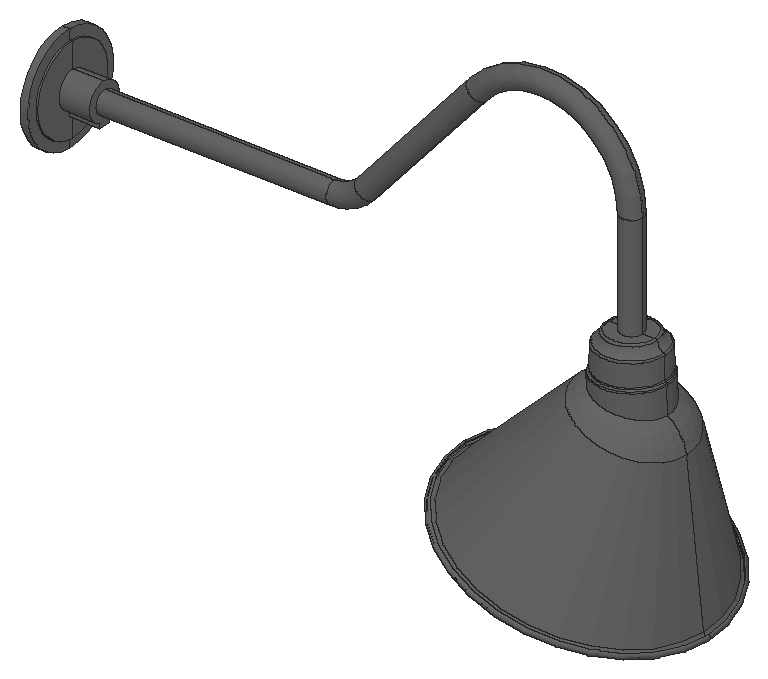
Revit family "Angle_MB", category Lighting Fixtures, Revit 2020
Family settings
  Round Connector Dimension = Use Diameter
  Part Type = Normal
  OmniClass Number = 23.80.70.00
  OmniClass Title = Lighting
  Work Plane-Based = No
  Always vertical = Yes
  Cut with Voids When Loaded = No
  Light Source = Yes
  Shared = No
  Room Calculation Point = No
Parameters (values of type "A812")
  Weight = "1.0 lb"
  Wattage Comments = "200W"
  Wattage = 1 W
  Warranty = "5 year limited warranty"  # constant formula
  built-in parameter 1150110 = 1 (stored number, unit not read)
  Voltage = 120 V
  URL = "https://www.anplighting.com/assets/Uploads/product-attachments/specification-sheets/ANP-Specification-Sheet-RLM-INC-A812.pdf"
  built-in parameter 1114217 = 1 (stored number, unit not read)
  Tilt Angle = 60.00°
  built-in parameter 1150109 = 1 (stored number, unit not read)
  built-in parameter 1150134 = 12
  built-in parameter 1150113 = 1 (stored number, unit not read)
  Mounting Option [instance] = 2
  Power Factor = 1
  Post Mount [instance] = Mounting Option = 5  # no
  Placement X axis side [instance] = if(Post Mount, 2' 2 15/32", if(Cord or Stem Mount, 0' 0", if(E36 20 inch, 1' 8 1/4", if(E 6 26 inch, 2' 2", if(E7 41 inch, 3' 5 1/4", 0' 1")))))  # 2' - 2"
  Photometric Web File = "A812GLCL-42WPL-E3.ies"
  Model = "A812"
  Manufacturer = "ANP Lighting"  # constant formula
  built-in parameter 1150105 = 99.472 (stored number, unit not read)
  Lumens = 1250 lm
  built-in parameter 1150115 = 1 (stored number, unit not read)
  Load Classification = Lighting
  Light Source Height [instance] = 0' - 0 1/2"  # constant formula
  built-in parameter 1150137 = (empty or 0)
  built-in parameter 1150139 = (empty or 0)
  Light Elevation_3 [instance] = 0' - 2"  # constant formula
  Light Elevation _2 [instance] = if(A807, 0' 7 195/256", if(A810, 0' 10 27/256", if(A812, 0' 11 61/128", if(A814, 1' 1 205/256", 0' 0"))))  # 0' - 11 61/128"
  Light Elevation _1 [instance] = if(Post Mount, 0' 0", if(E7 41 inch, 0' 0", if(E36 20 inch, 0' 1", if(E 6 26 inch, 0' 0.87402", if(Cord or Stem Mount, (0' 3.66142" + Cord Length), 0' 0")))))  # 0' - 0.87402"
  Light Elevation [instance] = if(Post Mount, 14' 0.5315", if(E7 41 inch, 0' 0", 0' 0"))  # 0' - 0"
  Life = "L70 50,000 hours"  # constant formula
  built-in parameter 1150112 = 1 (stored number, unit not read)
  built-in parameter 1150114 = 1 (stored number, unit not read)
  Lamp = "200W MAX MEDIUM BASE"
  built-in parameter 1150132 = 2
  built-in parameter 1150102 = (empty or 0)
  built-in parameter 1150107 = 4000 (stored number, unit not read)
  built-in parameter 1150138 = (empty or 0)
  built-in parameter 1150106 = 0.99472 (stored number, unit not read)
  Fixture Height = 0' - 10"
  Fixture Diameter = 1' - 0"
  Efficiency = "65-125 lumens per watt"  # constant formula
  built-in parameter 1150104 = 116.13 (stored number, unit not read)
  E7 41 inch [instance] = Mounting Option = 4  # no
  E36 20 inch [instance] = Mounting Option = 3  # no
  E 6 26 inch [instance] = Mounting Option = 2  # yes
  Dimming Lamp Color Temperature Shift = <None>
  Dimming = "1%"  # constant formula
  Description = "120-277 Voltage"  # constant formula
  Default Elevation = 0' - 0"
  Cord or Stem Mount [instance] = Mounting Option = 1  # no
  Cord Length option [instance] = 0
  Cord Length [instance] = if([2' Cord], 2' 0", if([4' Cord], 4' 0", if([8' Cord], 8' 0", if([10' Cord], 10' 0", if([6' Cord], 6' 0", 6' 0")))))  # 6' - 0"
  Construction Material = "Heavy Duty spun aluminum."  # constant formula
  Color Filter = 16777215
  Canopy Body = body
  CRI = ">90"  # constant formula
  Body Material = body
  Body Colour = "Spun aluminium"  # constant formula
  built-in parameter 1114218 = 1 (stored number, unit not read)
  built-in parameter 1150133 = 10 (stored number, unit not read)
  Apparent Load = 200 VA
  A814 = no
  A812 = yes
  A810 = no
  A807 = no
  8' Cord [instance] = Cord Length option = 8  # no
  6' Cord [instance] = Cord Length option = 6  # no
  4' Cord [instance] = Cord Length option = 4  # no
  2' Cord [instance] = Cord Length option = 2  # no
  10' Cord [instance] = Cord Length option = 10  # no
Types (5): name | Weight | Wattage Comments | Wattage | URL | Tilt Angle | Model | built-in parameter 1150105 | Lumens | Light Elevation _2 | Lamp | built-in parameter 1150106 | Fixture Height | Fixture Diameter | Apparent Load | A814 | A812 | A810 | A807
  (no name) | "1.0 lb" | "200W" | 1 W | "https://www.anplighting.com/assets/Uploads/product-attachments/specification-sheets/ANP-Specification-Sheet-RLM-INC-A812.pdf" | 60.00° | "A812" | 99.472 (stored number, unit not read) | 1250 lm | 0' - 11 61/128" | "200W MAX MEDIUM BASE" | 0.99472 (stored number, unit not read) | 0' - 10" | 1' - 0" | 200 VA | no | yes | no | no
  A807 | "1.0 lb" | "100W" | 1 W | "https://www.anplighting.com/assets/Uploads/product-attachments/specification-sheets/ANP-Specification-Sheet-RLM-INC-A807.pdf" | 90.00° | "A807" | 99.472 (stored number, unit not read) | 1250 lm | 0' - 7 195/256" | "100W MAX MEDIUM BASE" | 0.99472 (stored number, unit not read) | 0' - 6 1/2" | 0' - 7 1/8" | 100 VA | no | no | no | yes
  A810 | "1.0 lb" | "100W" | 1 W | "https://www.anplighting.com/assets/Uploads/product-attachments/specification-sheets/ANP-Specification-Sheet-RLM-INC-A810.pdf" | 90.00° | "A810" | 99.472 (stored number, unit not read) | 1250 lm | 0' - 10 27/256" | "100W MAX MEDIUM BASE" | 0.99472 (stored number, unit not read) | 0' - 8 1/2" | 0' - 10" | 100 VA | no | no | yes | no
  A812 | "1.0 lb" | "200W" | 1 W | "https://www.anplighting.com/assets/Uploads/product-attachments/specification-sheets/ANP-Specification-Sheet-RLM-INC-A812.pdf" | 60.00° | "A812" | 99.472 (stored number, unit not read) | 1250 lm | 0' - 11 61/128" | "200W MAX MEDIUM BASE" | 0.99472 (stored number, unit not read) | 0' - 10" | 1' - 0" | 200 VA | no | yes | no | no
  A814 | "1.5 lb" | "200W" | 1.6 W | "https://www.anplighting.com/assets/Uploads/product-attachments/specification-sheets/ANP-Specification-Sheet-RLM-INC-A814.pdf" | 90.00° | "A814" | 2000 (stored number, unit not read) | 2000 lm | 1' - 1 205/256" | "200W MAX MEDIUM BASE" | 20 (stored number, unit not read) | 0' - 11 3/4" | 1' - 2 1/4" | 200 VA | yes | no | no | no
Reference planes (in)
  plane 1 "Light Source Axis (F/B)": y = 0
  plane 2: z = 0
  plane 3 "Light Source Axis (L/R)": x = 0
  plane 4 "Light Source Elevation": z = 0
  plane 5: z = 0
  plane 6: x = 26
  plane 7 "Bulb Position": z = -10.35058
  plane 8 "Canopy Position": z = -0.87402
  plane 9 "IES": z = -10.85058
  plane 10: z = -12.35058
Dimensions and locks (in)
  "Light Elevation": plane 5 to plane 2
  "Placement X axis side": plane 6 to plane 3 "Light Source Axis (L/R)"
  "Light Elevation _1": plane 5 to plane 8 "Canopy Position"
  "Light Source Height": plane 7 "Bulb Position" to plane 9 "IES"
  locked: plane 4 "Light Source Elevation" to plane 2
  "Light Elevation _2": plane 8 "Canopy Position" to plane 10
  "Light Elevation_3": plane 7 "Bulb Position" to plane 10
  aligned and locked: level to plane 2
  aligned and locked: plane 1 "Light Source Axis (F/B)" to nested 5
  aligned and locked: nested 5 to plane 2
  aligned and locked: nested 1 to plane 3 "Light Source Axis (L/R)"
  aligned and locked: plane 3 "Light Source Axis (L/R)" to nested 2
  aligned and locked: plane 3 "Light Source Axis (L/R)" to nested 4
  aligned and locked: nested 3 to plane 5
  aligned and locked: plane 3 "Light Source Axis (L/R)" to nested 3
  aligned and locked: plane 3 "Light Source Axis (L/R)" to nested 5
  aligned and locked: plane 1 "Light Source Axis (F/B)" to nested 2
  aligned and locked: plane 1 "Light Source Axis (F/B)" to nested 1
  aligned and locked: plane 1 "Light Source Axis (F/B)" to nested 4
  aligned and locked: plane 1 "Light Source Axis (F/B)" to nested 3
  aligned and locked: plane 2 to nested 1
  aligned and locked: plane 2 to nested 2
  aligned and locked: nested 4 to plane 2
  aligned and locked: imposter light to plane 9 "IES"
  aligned and locked: plane 6 to imposter light
  aligned and locked: plane 8 "Canopy Position" to nested 7
  aligned and locked: nested 7 to plane 1 "Light Source Axis (F/B)"
  aligned and locked: nested 7 to plane 6
  aligned and locked: nested 6 to plane 1 "Light Source Axis (F/B)"
  aligned and locked: nested 6 to plane 6
  aligned and locked: nested 9 to plane 1 "Light Source Axis (F/B)"
  aligned and locked: nested 9 to plane 6
  aligned and locked: nested 8 to plane 1 "Light Source Axis (F/B)"
  aligned and locked: nested 8 to plane 6
  aligned and locked: plane 8 "Canopy Position" to nested 8
  aligned and locked: plane 8 "Canopy Position" to nested 6
  aligned and locked: plane 8 "Canopy Position" to nested 9
  aligned and locked: imposter light to plane 1 "Light Source Axis (F/B)"
Nested families (in)
  nested 1: "CORD OR STEM MOUNT" at (0, 0, -75.67), visible <- "Cord or Stem Mount", Cord or Stem Mount <- "Cord or Stem Mount", Body Material <- "Body Material", Light Elevation <- "Light Elevation", Cord Length <- "Cord Length", 10' Cord <- "10' Cord", 2' Cord <- "2' Cord", 4' Cord <- "4' Cord", 6' Cord <- "6' Cord", 8' Cord <- "8' Cord", type "CORD OR STEM MOUNT"
    with Light Elevation 0' - 0", Cord or Stem Mount no, Cord Length 6' - 0", Body Material body, 8' Cord no, 6' Cord no, 4' Cord no, 2' Cord no, 10' Cord no
  nested 2: "E6 26 INCH" at (26, 0, 0), visible <- "E 6 26 inch", Chain Length <- "Cord Length", E 6 26 inch <- "E 6 26 inch", Placement X axis side <- "Placement X axis side", Body Material <- "Body Material", Light Elevation <- "Light Elevation", type "E6 26 INCH"
    with Placement X axis side 2' - 2", Light Elevation 0' - 0", E 6 26 inch yes, Chain Length 6' - 0", Body Material body
  nested 3: "E7 41 INCH" at (26, 0, 0), Chain Length <- "Cord Length", visible <- "E7 41 inch", E7 41 inch <- "E7 41 inch", Placement X axis side <- "Placement X axis side", Body Material <- "Body Material", Light Elevation <- "Light Elevation", type "E7 41 INCH"
    with Placement X axis side 2' - 2", Light Elevation 0' - 0", E7 41 inch no, Chain Length 6' - 0", Body Material body
  nested 4: "E36 20 INCH" at (26, 0, 0), visible <- "E36 20 inch", E36 20 inch <- "E36 20 inch", Placement X axis side <- "Placement X axis side", Chain Length <- "Cord Length", Body Material <- "Body Material", Light Elevation <- "Light Elevation", type "E36 20 INCH"
    with Placement X axis side 2' - 2", Light Elevation 0' - 0", E36 20 inch no, Chain Length 6' - 0", Body Material body
  nested 5: "POST MOUNT" at (26, 0, 0), visible <- "Post Mount", Post Mount <- "Post Mount", Placement X axis side <- "Placement X axis side", Chain Length <- "Cord Length", Body Material <- "Body Material", Light Elevation <- "Light Elevation", type "POST MOUNT"
    with Post Mount no, Placement X axis side 2' - 2", Light Elevation 0' - 0", Chain Length 6' - 0", Body Material body
  nested 6: "A810_1" at (26, 0, -0.87402) x (-1, 0, 0) z (0, 0, 1), A810 <- "A810", visible <- "A810", Body <- "Canopy Body", Light Elevation <- "Light Elevation", type "A810_1"
    with Light Elevation 0' - 0", Body body, A810 no
  nested 7: "A807_1" at (26, 0, -0.87402) x (-1, 0, 0) z (0, 0, 1), Body <- "Canopy Body", visible <- "A807", A807 <- "A807", Light Elevation <- "Light Elevation", type "A807_1"
    with Light Elevation 0' - 0", Body body, A807 no
  nested 8: "A812_1" at (26, 0, -0.87402) x (-1, 0, 0) z (0, 0, 1), Body <- "Canopy Body", visible <- "A812", A812 <- "A812", Light Elevation <- "Light Elevation", type "A812_1"
    with Light Elevation 0' - 0", Body body, A812 yes
  nested 9: "A814-1" at (26, 0, -0.87402) x (-1, 0, 0) z (0, 0, 1), A814 <- "A814", visible <- "A814", Body <- "Canopy Body", Light Elevation <- "Light Elevation", type "A814-1"
    with Light Elevation 0' - 0", Body body, A814 no
Definition of nested family "E6 26 INCH"
  Parameters (values of type "E6 26 INCH")
    URL = ""
    Placement X axis side [instance] = 2' - 2"
    Model = ""
    Manufacturer = ""
    Light Elevation [instance] = 8' - 4"
    E 6 26 inch [instance] = yes
    Default Elevation = 0' - 0"
    Chain Length [instance] = 0' - 0"
    Body Material [instance] = none
  Reference planes (in)
    plane 1 "Light Source Axis (F/B)": y = 0
    plane 2: z = 0
    plane 3 "Light Source Axis (L/R)": x = 0
    plane 4 "Light Source Elevation": z = 23.125
    plane 5: z = 100
    plane 6: x = -26
    plane 7: z = 99.125
    plane 8: x = -24.12
    plane 9: x = -25.5474
  Forms (in)
    Extrusion 1, void, not visible
      sketch origin (0, 0, 2.38154) x (1, 0, 0) y (0, 0, 1)
        loop
          circle (0, 4.59925) r 0.16583
      from 1.18594 to 1.75
    Extrusion 2, void, not visible
      sketch origin (0, 0, 2.38154) x (0.707107, -0.707107, 0) y (0, 0, 1)
        loop
          circle (0, 4.59925) r 0.16583
      from 1.18594 to 1.75
    Extrusion 3, void, not visible
      sketch origin (0, 0, 2.38154) x (0.707107, 0.707107, 0) y (0, 0, 1)
        loop
          circle (0, 4.59925) r 0.16583
      from 1.18594 to 1.75
    Extrusion 4, void, not visible
      sketch origin (0, 0, 2.38154) x (0, 1, 0) y (0, 0, 1)
        loop
          circle (0, 4.59925) r 0.16583
      from 1.18594 to 1.75
    Extrusion 5, void, not visible
      sketch origin (0, 0, 2.38154) x (-0.707107, 0.707107, 0) y (0, 0, 1)
        loop
          circle (0, 4.59925) r 0.16583
      from 1.18594 to 1.75
    Extrusion 6, void, not visible
      sketch origin (0, 0, 2.38154) x (-1, 0, 0) y (0, 0, 1)
        loop
          circle (0, 4.59925) r 0.20678
      from 1.18594 to 1.75
    Extrusion 7, void, not visible
      sketch origin (0, 0, 2.38154) x (-0.707107, -0.707107, 0) y (0, 0, 1)
        loop
          circle (0, 4.59925) r 0.16583
      from 1.18594 to 1.75
    Extrusion 8, void, not visible
      sketch origin (0, 0, 2.38154) x (0, -1, 0) y (0, 0, 1)
        loop
          circle (0, 4.59925) r 0.16583
      from 1.18594 to 1.75
    Sweep 9, solid, material <- "Body Material", visible <- "E 6 26 inch"
      path origin (-41.25, 0, 168.51693) x (1, 0, 0) y (0, 0, 1)
        loop
          line (17.13, -68.51693) -> (27.68551, -68.51693)
          arc (27.68551, -68.51693) -> (28.47996, -68.34486) -> (29.13202, -67.8595) r 1.92004
          line (29.13202, -67.8595) -> (34.23651, -62.01155)
          arc (34.23651, -62.01155) -> (38.65464, -60.89667) -> (41.25, -64.64193) r 4
          line (41.25, -64.64193) -> (41.25, -69.39193)
      profile origin (-18.84224, 0, 100) x (0, 0, 1) y (0, -1, 0)
        loop
          circle (0, 0) r 0.5
    Revolve 10, solid, material <- "Body Material", visible <- "E 6 26 inch"
      sketch origin (-26, 0, 168.51693) x (1, 0, 0) y (0, 0, 1)
        loop
          line (0, -66.07943) -> (0, -68.51693) -> (1.88, -68.51693) -> (1.88, -67.69272) -> (0.4526, -67.69272) -> (0.4526, -66.54122) -> (0.33125, -66.54122) -> (0.33125, -66.07943) -> (0, -66.07943)
        axis (0, -68.51693) -> (1.88, -68.51693)
      angle from 0 to 360
    Extrusion 11, solid, material <- "Body Material", visible <- "E 6 26 inch"
      sketch origin (-26, 0, 168.51693) x (0, -1, 0) y (0, 0, -1)
        loop
          line (0.25, 68.51693) -> (0.25, 69.51693) -> (-0.25, 69.51693) -> (-0.25, 68.51693) -> (0.25, 68.51693)
      from 0.4526 to 1.88
  Cuts and joins
    joined: Revolve 10, Extrusion 11
  Dimensions and locks (in)
    "Light Elevation": plane 5 to plane 2
    "Placement X axis side": plane 3 "Light Source Axis (L/R)" to plane 6
    locked: plane 5 to plane 7 at 0.875
    Revolve 10 sketch curve to Revolve 10 sketch curve to Revolve 10 sketch curve to plane 6 = 0' - 1.4274" locked, 0' - 0.12135" locked, 0' - 0.33125" locked
    Revolve 10 sketch curve to Revolve 10 sketch curve to Revolve 10 sketch curve to plane 5 = 0' - 0.46179" locked, 0' - 1.1515" locked, 0' - 0 211/256" locked
    locked: Sweep 9 sketch curve to plane 6 at 1.88
    locked: Sweep 9 sketch curve to Sweep 9 sketch curve at 10.55551
    locked: Sweep 9 sketch curve to Sweep 9 sketch curve at 13.56449
    locked: Sweep 9 sketch curve to Sweep 9 sketch curve at 4.75
    locked: plane 9 to plane 6 at 0.4526
    locked: plane 8 to plane 9 at 1.4274
    aligned and locked: level to plane 2
    aligned and locked: Revolve 10 sketch curve to plane 6
    aligned and locked: plane 5 to Revolve 10 sketch curve
    aligned and locked: Revolve 10 sketch curve to plane 5
    aligned and locked: cut or joined group of Revolve 10, Extrusion 11 to plane 9
    aligned and locked: plane 8 to cut or joined group of Revolve 10, Extrusion 11
  Automatic sketch dimensions
    Sweep 9 sketch curve to plane 5 = 0' - 0"
    Sweep 9 sketch curve to Sweep 9 sketch curve = 0' - 4"
    Sweep 9 sketch curve to Sweep 9 sketch curve = 0' - 3.01349"
    plane 5 to Sweep 9 sketch curve = 0' - 0.65743"
    Sweep 9 sketch curve to Sweep 9 sketch curve = 0' - 1.4465"
    Sweep 9 sketch curve to plane 5 = 0' - 0 7/8"
    profile plane to Sweep 9 sketch curve = 0' - 0"
    Sweep 9 sketch curve to profile plane = 0' - 0"
    plane 6 to Revolve 10 sketch curve = 0' - 0.62562"
    Revolve 10 sketch curve to Revolve 10 sketch curve = 0' - 0 1/2"
    Extrusion 11 sketch curve to plane 5 = 0' - 0"
    plane 1 "Light Source Axis (F/B)" to Extrusion 11 sketch curve = 0' - 0 1/4"
    Extrusion 11 sketch curve to plane 1 "Light Source Axis (F/B)" = 0' - 0 1/4"
    plane 5 to Extrusion 11 sketch curve = 0' - 1"
    radius of Sweep 9 sketch curve = 0' - 0 1/2"
Definition of nested family "A812_1"
  Parameters (values of type "A812_1")
    Light Elevation [instance] = 2' - 0"
    Default Elevation = 0' - 0"
    Body [instance] = none
    A812 [instance] = yes
  Reference planes (in)
    plane 1 "Center (Front/Back)": y = 0
    plane 2: z = 0
    plane 3 "Center (Left/Right)": x = 0
    plane 4: z = 24
  Dimensions and locks (in)
    "Light Elevation": plane 4 to plane 2
    aligned and locked: plane 2 to level
    aligned and locked: plane 1 "Center (Front/Back)" to nested 1
    aligned and locked: plane 3 "Center (Left/Right)" to nested 1
    aligned and locked: nested 1 to plane 4
  Nested families (in)
    nested 1: "A812" at (0, 0, 12.49252), Body <- "Body", visible <- "A812", type "A812"
      with Body none
  Definition of nested family "A812"
    Parameters (values of type "A812")
      Default Elevation = 0' - 0"
      Body [instance] = none
      A812 = yes
    Reference planes (in)
      plane 1 "Center (Front/Back)": y = 0
      plane 2: z = 0
      plane 3 "Center (Left/Right)": x = 0
      plane 4: through (-4.53846, -180, 2.7139) normal (-0.9397, 0, -0.342)
      plane 5: through (-6.68517, -180, -1.18322) normal (-0.342, 0, 0.9397)
      plane 6: through (-9.96099, -180, 8.26626) normal (-0.342, 0, 0.9397)
    Forms (in)
      Revolve 1, solid, material <- "Body", visible <- "A812"
        sketch origin (-18.57236, 0, -12.48838) x (1, 0, 0) y (0, 0, 1)
          loop
            arc (15.06574, 12.72901) -> (14.99103, 12.5688) -> (15.15124, 12.49409) r 0.125
            arc (15.15124, 12.49409) -> (15.16847, 12.50366) -> (15.18186, 12.51813) r 0.0625
            spline (15.18186, 12.51813) -> (15.1948, 12.53179) -> (15.20746, 12.54665) -> (15.21982, 12.56277) -> (15.23185, 12.58023) -> (15.24354, 12.59908) -> (15.25486, 12.61938) -> (15.26581, 12.64122) -> (15.27636, 12.66464) -> (15.28649, 12.68973) -> (15.29618, 12.71653) -> (15.30542, 12.74512) -> (15.31418, 12.77556)
            line (15.31418, 12.77556) -> (16.09875, 19.73698)
            arc (16.09875, 19.73698) -> (16.82833, 20.94843) -> (18.10997, 21.54617) r 2.42271
            line (18.10997, 21.54617) -> (18.08812, 21.60619)
            arc (18.08812, 21.60619) -> (16.78777, 20.98018) -> (16.04452, 19.74309) r 2.51876
            line (16.04452, 19.74309) -> (15.26057, 12.78713)
            spline (15.26057, 12.78713) -> (15.25102, 12.76008) -> (15.2414, 12.73449) -> (15.23171, 12.71035) -> (15.22195, 12.68766) -> (15.21212, 12.66642) -> (15.20222, 12.64663) -> (15.19225, 12.6283) -> (15.18221, 12.61141) -> (15.1721, 12.59598) -> (15.16192, 12.58199) -> (15.15167, 12.56946) -> (15.14135, 12.55838)
            arc (15.14135, 12.55838) -> (15.05225, 12.58429) -> (15.08711, 12.67028) r 0.0625
            line (15.08711, 12.67028) -> (15.06574, 12.72901)
          axis (18.08812, 21.60619) -> (20.67315, 14.5039)
        angle from 0 to 360
      Revolve 2, solid, material <- "Body", visible <- "A812"
        sketch origin (-18.57236, 0, -12.48838) x (1, 0, 0) y (0, 0, 1)
          loop
            arc (17.52211, 23.99585) -> (17.46649, 23.97662) -> (17.43466, 23.92712) r 0.09
            arc (17.43466, 23.92712) -> (17.31791, 23.68738) -> (17.112, 23.51796) r 0.62612
            arc (17.112, 23.51796) -> (17.07666, 23.48543) -> (17.06308, 23.43937) r 0.09
            line (17.06308, 23.43937) -> (17.04678, 22.46163)
            arc (17.04678, 22.46163) -> (17.04194, 22.43396) -> (17.0288, 22.40913) r 0.09
            line (17.0288, 22.40913) -> (16.96486, 22.32388)
            arc (16.96486, 22.32388) -> (16.95172, 22.29905) -> (16.94687, 22.27138) r 0.09
            line (16.94687, 22.27138) -> (16.92635, 21.04045) -> (16.98886, 21.04045) -> (17.00951, 22.27925) -> (17.0736, 22.36471)
            arc (17.0736, 22.36471) -> (17.09587, 22.40678) -> (17.10408, 22.45367) r 0.1525
            line (17.10408, 22.45367) -> (17.12073, 23.45259)
            arc (17.12073, 23.45259) -> (17.36009, 23.64007) -> (17.49539, 23.91235) r 0.68862
            arc (17.49539, 23.91235) -> (17.50511, 23.92748) -> (17.52211, 23.93335) r 0.0275
            line (17.52211, 23.93335) -> (18.32236, 23.93335) -> (18.32236, 23.99585) -> (17.52211, 23.99585)
          axis (18.57236, 23.99585) -> (18.57236, 21.04045)
        angle from 0 to 360
      Revolve 3, void
        sketch origin (-18.57236, 0, -12.48838) x (1, 0, 0) y (0, 0, 1)
          loop
            line (18.57236, 22.99745) -> (17.00762, 22.99745) -> (17.00762, 21.21218) -> (18.57236, 21.21218) -> (18.57236, 22.99745)
          axis (18.57236, 22.99745) -> (18.57236, 21.21218)
        angle from 0 to 360
    Cuts and joins
      Revolve 3 cuts Revolve 1
    Lines and regions (in)
      symbolic lines
        curve 1: line (-3.57979, 0, 0.06922) -> (-3.80128, 0, 0.67776)
        curve 2: line (7.70399, 0, 4.15927) -> (7.4331, 0, 4.82972)
    Dimensions and locks (in)
      plane 4 to Revolve 1 sketch curve = 0' - 6"
      plane 6 to plane 5 = 0' - 10"
      aligned and locked: plane 2 to level
Definition of nested family "CORD OR STEM MOUNT"
  Parameters (values of type "CORD OR STEM MOUNT")
    URL = ""
    Model = ""
    Manufacturer = ""
    Light Elevation [instance] = 1' - 7.69"
    Default Elevation = 0' - 0"
    Cord or Stem Mount [instance] = yes
    Cord Length [instance] = 6' - 0"
    Body Material [instance] = none
    8' Cord [instance] = no
    6' Cord [instance] = no
    4' Cord [instance] = no
    2' Cord [instance] = no
    10' Cord [instance] = no
  Reference planes (in)
    plane 1 "Light Source Axis (F/B)": y = 0
    plane 2: z = 0
    plane 3 "Light Source Axis (L/R)": x = 0
    plane 4 "Light Source Elevation": z = 23.125
    plane 5: z = 91.69
    plane 6: z = 19.69
  Forms (in)
    Extrusion 1, void, not visible
      sketch origin (0, 0, 2.38154) x (1, 0, 0) y (0, 0, 1)
        loop
          circle (0, 4.59925) r 0.16583
      from 1.18594 to 1.75
    Extrusion 2, void, not visible
      sketch origin (0, 0, 2.38154) x (0.707107, -0.707107, 0) y (0, 0, 1)
        loop
          circle (0, 4.59925) r 0.16583
      from 1.18594 to 1.75
    Extrusion 3, void, not visible
      sketch origin (0, 0, 2.38154) x (0.707107, 0.707107, 0) y (0, 0, 1)
        loop
          circle (0, 4.59925) r 0.16583
      from 1.18594 to 1.75
    Extrusion 4, void, not visible
      sketch origin (0, 0, 2.38154) x (0, 1, 0) y (0, 0, 1)
        loop
          circle (0, 4.59925) r 0.16583
      from 1.18594 to 1.75
    Extrusion 5, void, not visible
      sketch origin (0, 0, 2.38154) x (-0.707107, 0.707107, 0) y (0, 0, 1)
        loop
          circle (0, 4.59925) r 0.16583
      from 1.18594 to 1.75
    Extrusion 6, void, not visible
      sketch origin (0, 0, 2.38154) x (-1, 0, 0) y (0, 0, 1)
        loop
          circle (0, 4.59925) r 0.20678
      from 1.18594 to 1.75
    Extrusion 7, void, not visible
      sketch origin (0, 0, 2.38154) x (-0.707107, -0.707107, 0) y (0, 0, 1)
        loop
          circle (0, 4.59925) r 0.16583
      from 1.18594 to 1.75
    Extrusion 8, void, not visible
      sketch origin (0, 0, 2.38154) x (0, -1, 0) y (0, 0, 1)
        loop
          circle (0, 4.59925) r 0.16583
      from 1.18594 to 1.75
    Revolve 9, solid, material <- "Body Material", visible <- "Cord or Stem Mount"
      sketch origin (0, 0, 174.56698) x (1, 0, 0) y (0, 0, 1)
        loop
          line (2.6875, -79.20698) -> (0, -79.20698) -> (0, -82.87698) -> (0.125, -82.87698) -> (0.125, -82.83698) -> (0.75, -82.83698)
          arc (0.75, -82.83698) -> (0.81694, -82.77004) -> (0.75, -82.7031) r 0.06694
          line (0.75, -82.7031) -> (0.89763, -82.7031) -> (1.00223, -82.5985) -> (1.06587, -82.5985)
          arc (1.06587, -82.5985) -> (1.80099, -82.29401) -> (2.10549, -81.55888) r 1.03962
          line (2.10549, -81.55888) -> (2.10549, -81.03899)
          arc (2.10549, -81.03899) -> (2.12951, -80.981) -> (2.1875, -80.95698) r 0.08201
          line (2.1875, -80.95698) -> (2.1875, -80.70698) -> (2.6875, -80.70698) -> (2.6875, -79.20698)
        axis (0, -79.20698) -> (0, -82.87698)
      angle from 0 to 360
    Revolve 10, solid, material <- "Body Material", visible <- "Cord or Stem Mount"
      sketch origin (0, 0, 0) x (1, 0, 0) y (0, 0, 1)
        loop
          line (0, 91.69) -> (-0.125, 91.69) -> (-0.125, 19.69) -> (0, 19.69) -> (0, 91.69)
        axis (0, 19.69) -> (0, 91.69)
      angle from 0 to 360
  Dimensions and locks (in)
    "Light Elevation": plane 6 to plane 2
    "Cord Length": plane 5 to plane 6
    locked: Revolve 10 sketch curve to Revolve 10 sketch curve at 0.125
    aligned and locked: level to plane 2
    aligned and locked: Revolve 10 sketch curve to plane 3 "Light Source Axis (L/R)"
    aligned and locked: Revolve 10 sketch curve to plane 6
    aligned and locked: Revolve 10 sketch curve to plane 5
    aligned and locked: plane 3 "Light Source Axis (L/R)" to Revolve 10 sketch curve
  Automatic sketch dimensions
    Revolve 9 sketch curve to plane 3 "Light Source Axis (L/R)" = 0' - 0"  (x2)
    Revolve 9 sketch curve to plane 5 = 0' - 0"
    plane 3 "Light Source Axis (L/R)" to Revolve 9 sketch curve = 0' - 0 1/8"
    Revolve 9 sketch curve to plane 5 = 0' - 0.17388"
    Revolve 9 sketch curve to Revolve 9 sketch curve = 0' - 0 5/8"
    Revolve 9 sketch curve to Revolve 9 sketch curve = 0' - 0.14763"
    Revolve 9 sketch curve to plane 5 = 0' - 0.27847"
    Revolve 9 sketch curve to Revolve 9 sketch curve = 0' - 0.1046"
    Revolve 9 sketch curve to Revolve 9 sketch curve = 0' - 0.06364"
    Revolve 9 sketch curve to Revolve 9 sketch curve = 0' - 1.03962"
    Revolve 9 sketch curve to Revolve 9 sketch curve = 0' - 0 21/256"
    Revolve 9 sketch curve to Revolve 9 sketch curve = 0' - 0 1/2"  (x2)
    Revolve 9 sketch curve to Revolve 9 sketch curve = 0' - 0.51989"
    Revolve 9 sketch curve to Revolve 9 sketch curve = 0' - 0 1/4"
    Revolve 9 sketch curve to Revolve 9 sketch curve = 0' - 2.3519"
    Revolve 9 sketch curve to Revolve 9 sketch curve = 0' - 1 1/4"
    Revolve 9 sketch curve to Revolve 9 sketch curve = 0' - 0.04"
    Revolve 10 sketch curve to Revolve 10 sketch curve = 0' - 0 1/2"
    Revolve 10 sketch curve to Revolve 10 sketch curve = 0' - 0.42345"
Definition of nested family "E7 41 INCH"
  Parameters (values of type "E7 41 INCH")
    URL = ""
    Placement X axis side [instance] = 4' - 2"
    Model = ""
    Manufacturer = ""
    Light Elevation [instance] = 8' - 4"
    E7 41 inch [instance] = yes
    Default Elevation = 0' - 0"
    Chain Length [instance] = 0' - 0"
    Body Material [instance] = none
  Reference planes (in)
    plane 1 "Light Source Axis (F/B)": y = 0
    plane 2: z = 0
    plane 3 "Light Source Axis (L/R)": x = 0
    plane 4 "Light Source Elevation": z = 23.125
    plane 5: z = 100
    plane 6: x = -50
  Forms (in)
    Extrusion 1, void, not visible
      sketch origin (0, 0, 2.38154) x (1, 0, 0) y (0, 0, 1)
        loop
          circle (0, 4.59925) r 0.16583
      from 1.18594 to 1.75
    Extrusion 2, void, not visible
      sketch origin (0, 0, 2.38154) x (0.707107, -0.707107, 0) y (0, 0, 1)
        loop
          circle (0, 4.59925) r 0.16583
      from 1.18594 to 1.75
    Extrusion 3, void, not visible
      sketch origin (0, 0, 2.38154) x (0.707107, 0.707107, 0) y (0, 0, 1)
        loop
          circle (0, 4.59925) r 0.16583
      from 1.18594 to 1.75
    Extrusion 4, void, not visible
      sketch origin (0, 0, 2.38154) x (0, 1, 0) y (0, 0, 1)
        loop
          circle (0, 4.59925) r 0.16583
      from 1.18594 to 1.75
    Extrusion 5, void, not visible
      sketch origin (0, 0, 2.38154) x (-0.707107, 0.707107, 0) y (0, 0, 1)
        loop
          circle (0, 4.59925) r 0.16583
      from 1.18594 to 1.75
    Extrusion 6, void, not visible
      sketch origin (0, 0, 2.38154) x (-1, 0, 0) y (0, 0, 1)
        loop
          circle (0, 4.59925) r 0.20678
      from 1.18594 to 1.75
    Extrusion 7, void, not visible
      sketch origin (0, 0, 2.38154) x (-0.707107, -0.707107, 0) y (0, 0, 1)
        loop
          circle (0, 4.59925) r 0.16583
      from 1.18594 to 1.75
    Extrusion 8, void, not visible
      sketch origin (0, 0, 2.38154) x (0, -1, 0) y (0, 0, 1)
        loop
          circle (0, 4.59925) r 0.16583
      from 1.18594 to 1.75
    Revolve 9, solid, material <- "Body Material", visible <- "E7 41 inch"
      sketch origin (-41.25, 0, 168.39193) x (1, 0, 0) y (0, 0, 1)
        loop
          line (-8.75, -66.20443) -> (-8.75, -68.51693) -> (-6.87, -68.51693) -> (-6.87, -67.69272) -> (-8.2974, -67.69272) -> (-8.2974, -66.54122) -> (-8.41875, -66.54122) -> (-8.41875, -66.20443) -> (-8.75, -66.20443)
        axis (-8.75, -68.51693) -> (-6.87, -68.51693)
      angle from 0 to 360
    Extrusion 10, solid, material <- "Body Material", visible <- "E7 41 inch"
      sketch origin (-41.25, 0, 168.39193) x (0, -1, 0) y (0, 0, -1)
        loop
          line (0.25, 68.51693) -> (0.25, 69.51693) -> (-0.25, 69.51693) -> (-0.25, 68.51693) -> (0.25, 68.51693)
      from -8.2974 to -6.87
    Sweep 11, solid, material <- "Body Material", visible <- "E7 41 inch"
      path origin (-41.25, 0, 168.39193) x (1, 0, 0) y (0, 0, 1)
        loop
          line (-6.87, -68.51693) -> (16.04011, -68.51693)
          arc (16.04011, -68.51693) -> (17.864, -68.13651) -> (19.38375, -67.0587) r 4.5625
          line (19.38375, -67.0587) -> (24.70217, -61.33018)
          arc (24.70217, -61.33018) -> (29.64465, -60.20324) -> (32.5, -64.39193) r 4.5
          line (32.5, -64.39193) -> (32.5, -68.39193)
      profile origin (-36.66494, 0, 99.875) x (0, 0, 1) y (0, -1, 0)
        loop
          circle (0, 0) r 0.5
  Dimensions and locks (in)
    "Placement X axis side": plane 3 "Light Source Axis (L/R)" to plane 6
    "Light Elevation": plane 5 to plane 2
    locked: Revolve 9 sketch curve to Revolve 9 sketch curve at 0.33125
    locked: Revolve 9 sketch curve to Revolve 9 sketch curve at 0.4526
    locked: Revolve 9 sketch curve to Revolve 9 sketch curve at 1.88
    locked: Revolve 9 sketch curve to Revolve 9 sketch curve at 0.82421
    locked: Revolve 9 sketch curve to Revolve 9 sketch curve at 1.1515
    locked: Revolve 9 sketch curve to Revolve 9 sketch curve at 0.33679
    locked: plane 5 to Revolve 9 sketch curve at 0.125
    locked: Extrusion 10 sketch curve to Extrusion 10 sketch curve at 0.5
    locked: Extrusion 10 sketch curve to Extrusion 10 sketch curve at 1
    locked: plane 5 to Extrusion 10 sketch curve at 0.125
    locked: plane 5 to Sweep 11 sketch curve at 0.125
    locked: Sweep 11 sketch curve to Sweep 11 sketch curve at 39.37
    locked: Sweep 11 sketch curve to Sweep 11 sketch curve at 4
    locked: plane 6 to Extrusion 10 at 0.4526
    locked: Sweep 11 sketch curve to plane 6 at 1.88
    locked: Extrusion 10 to Extrusion 10 at 1.4274
    aligned and locked: plane 2 to level
    aligned and locked: Revolve 9 sketch curve to plane 6
  Automatic sketch dimensions
    Revolve 9 sketch curve to plane 5 = 0' - 0 1/8"
    plane 6 to Revolve 9 sketch curve = 0' - 0.62562"
    Revolve 9 sketch curve to Revolve 9 sketch curve = 0' - 0 1/2"
    plane 1 "Light Source Axis (F/B)" to Extrusion 10 sketch curve = 0' - 0 1/4"
    Sweep 11 sketch curve to plane 5 = 0' - 0"
    Sweep 11 sketch curve to Sweep 11 sketch curve = 0' - 4 1/2"
    Sweep 11 sketch curve to Sweep 11 sketch curve = 0' - 3.29783"
    plane 5 to Sweep 11 sketch curve = 0' - 1.33323"
    Sweep 11 sketch curve to Sweep 11 sketch curve = 0' - 5.31842"
    Sweep 11 sketch curve to Sweep 11 sketch curve = 0' - 3.34364"
    profile plane to Sweep 11 sketch curve = 0' - 0"
    Sweep 11 sketch curve to profile plane = 0' - 0"
    radius of Sweep 11 sketch curve = 0' - 0 1/2"
Definition of nested family "E36 20 INCH"
  Parameters (values of type "E36 20 INCH")
    URL = ""
    Placement X axis side [instance] = 1' - 8 1/4"
    Model = ""
    Manufacturer = ""
    Light Elevation [instance] = 8' - 4"
    E36 20 inch [instance] = yes
    Default Elevation = 0' - 0"
    Chain Length [instance] = 0' - 0"
    Body Material [instance] = none
  Reference planes (in)
    plane 1 "Light Source Axis (F/B)": y = 0
    plane 2: z = 0
    plane 3 "Light Source Axis (L/R)": x = 0
    plane 4 "Light Source Elevation": z = 23.125
    plane 5: z = 99
    plane 6: x = -20.25
    plane 7: z = 100
    plane 8: x = -18.37008
    plane 9: x = -19.79724
  Forms (in)
    Extrusion 1, void, not visible
      sketch origin (0, 0, 2.38154) x (1, 0, 0) y (0, 0, 1)
        loop
          circle (0, 4.59925) r 0.16583
      from 1.18594 to 1.75
    Extrusion 2, void, not visible
      sketch origin (0, 0, 2.38154) x (0.707107, -0.707107, 0) y (0, 0, 1)
        loop
          circle (0, 4.59925) r 0.16583
      from 1.18594 to 1.75
    Extrusion 3, void, not visible
      sketch origin (0, 0, 2.38154) x (0.707107, 0.707107, 0) y (0, 0, 1)
        loop
          circle (0, 4.59925) r 0.16583
      from 1.18594 to 1.75
    Extrusion 4, void, not visible
      sketch origin (0, 0, 2.38154) x (0, 1, 0) y (0, 0, 1)
        loop
          circle (0, 4.59925) r 0.16583
      from 1.18594 to 1.75
    Extrusion 5, void, not visible
      sketch origin (0, 0, 2.38154) x (-0.707107, 0.707107, 0) y (0, 0, 1)
        loop
          circle (0, 4.59925) r 0.16583
      from 1.18594 to 1.75
    Extrusion 6, void, not visible
      sketch origin (0, 0, 2.38154) x (-1, 0, 0) y (0, 0, 1)
        loop
          circle (0, 4.59925) r 0.20678
      from 1.18594 to 1.75
    Extrusion 7, void, not visible
      sketch origin (0, 0, 2.38154) x (-0.707107, -0.707107, 0) y (0, 0, 1)
        loop
          circle (0, 4.59925) r 0.16583
      from 1.18594 to 1.75
    Extrusion 8, void, not visible
      sketch origin (0, 0, 2.38154) x (0, -1, 0) y (0, 0, 1)
        loop
          circle (0, 4.59925) r 0.16583
      from 1.18594 to 1.75
    Sweep 9, solid, material <- "Body Material", visible <- "E36 20 inch"
      path origin (-41.25, 0, 169.51693) x (1, 0, 0) y (0, 0, 1)
        loop
          line (22.88, -69.51693) -> (28.93827, -69.51693)
          arc (28.93827, -69.51693) -> (29.97705, -69.28152) -> (30.81284, -68.62128) r 2.40953
          line (30.81284, -68.62128) -> (34.13807, -64.50378)
          arc (34.13807, -64.50378) -> (38.58272, -63.24548) -> (41.25, -67.01693) r 4
          line (41.25, -67.01693) -> (41.25, -70.51693)
      profile origin (-15.34086, 0, 100) x (0, 0, 1) y (0, -1, 0)
        loop
          circle (0, 0) r 0.5
    Revolve 10, solid, material <- "Body Material", visible <- "E36 20 inch"
      sketch origin (-20.25, 0, 169.51693) x (1, 0, 0) y (0, 0, 1)
        loop
          line (0, -67.20443) -> (0, -69.51693) -> (1.88, -69.51693) -> (1.88, -68.69272) -> (0.4526, -68.69272) -> (0.4526, -67.54122) -> (0.33125, -67.54122) -> (0.33125, -67.20443) -> (0, -67.20443)
        axis (0, -69.51693) -> (1.88, -69.51693)
      angle from 0 to 360
    Extrusion 11, solid, material <- "Body Material", visible <- "E36 20 inch"
      sketch origin (-20.25, 0, 169.51693) x (0, -1, 0) y (0, 0, -1)
        loop
          line (0.25, 69.51693) -> (0.25, 70.51693) -> (-0.25, 70.51693) -> (-0.25, 69.51693) -> (0.25, 69.51693)
      from 1.87992 to 0.45276
  Cuts and joins
    joined: Revolve 10, Extrusion 11
  Dimensions and locks (in)
    "Light Elevation": plane 7 to plane 2
    "Placement X axis side": plane 3 "Light Source Axis (L/R)" to plane 6
    locked: plane 7 to plane 5 at 1
    Revolve 10 sketch curve to Revolve 10 sketch curve to Revolve 10 sketch curve to plane 7 = 0' - 0.33679" locked, 0' - 1.1515" locked, 0' - 0 211/256" locked
    locked: Sweep 9 sketch curve to plane 6 at 1.88
    locked: Sweep 9 sketch curve to Sweep 9 sketch curve at 6.05827
    locked: Sweep 9 sketch curve to Sweep 9 sketch curve at 12.31173
    locked: Sweep 9 sketch curve to Sweep 9 sketch curve at 3.5
    Revolve 10 sketch curve to Revolve 10 sketch curve to Revolve 10 sketch curve to plane 6 = 0' - 1.4274" locked, 0' - 0.12135" locked, 0' - 0.33125" locked
    locked: plane 9 to plane 6 at 0.45276
    locked: plane 8 to plane 9 at 1.42717
    aligned and locked: level to plane 2
    aligned and locked: plane 7 to Revolve 10 sketch curve
    aligned and locked: Revolve 10 sketch curve to plane 7
    aligned and locked: Revolve 10 sketch curve to plane 6
    aligned and locked: cut or joined group of Revolve 10, Extrusion 11 to plane 9
    aligned and locked: plane 8 to cut or joined group of Revolve 10, Extrusion 11
  Automatic sketch dimensions
    Sweep 9 sketch curve to plane 7 = 0' - 0"
    Sweep 9 sketch curve to plane 5 = 0' - 0"
    Sweep 9 sketch curve to Sweep 9 sketch curve = 0' - 4"
    Sweep 9 sketch curve to plane 7 = 0' - 0.89565"
    Sweep 9 sketch curve to Sweep 9 sketch curve = 0' - 3.32523"
    Sweep 9 sketch curve to Sweep 9 sketch curve = 0' - 1.87457"
    profile plane to Sweep 9 sketch curve = 0' - 0"
    Sweep 9 sketch curve to profile plane = 0' - 0"
    plane 6 to Revolve 10 sketch curve = 0' - 0.62562"
    Revolve 10 sketch curve to Revolve 10 sketch curve = 0' - 0 1/2"
    plane 7 to Extrusion 11 sketch curve = 0' - 0"
    Extrusion 11 sketch curve to plane 5 = 0' - 0"
    plane 1 "Light Source Axis (F/B)" to Extrusion 11 sketch curve = 0' - 0 1/4"
    Extrusion 11 sketch curve to plane 1 "Light Source Axis (F/B)" = 0' - 0 1/4"
    radius of Sweep 9 sketch curve = 0' - 0 1/2"
Definition of nested family "POST MOUNT"
  Parameters (values of type "POST MOUNT")
    URL = ""
    Post Mount [instance] = yes
    Placement X axis side [instance] = 2' - 2 1/2"
    Model = ""
    Manufacturer = ""
    Light Elevation [instance] = 14' - 0.5168"
    Default Elevation = 0' - 0"
    Chain Length [instance] = 0' - 0"
    Body Material [instance] = none
  Reference planes (in)
    plane 1 "Light Source Axis (F/B)": y = 0
    plane 2: z = 0
    plane 3 "Light Source Axis (L/R)": x = 0
    plane 4 "Light Source Elevation": z = 23.125
    plane 5: x = -26.5
    plane 6: z = 168.5168
  Forms (in)
    Extrusion 1, void, not visible
      sketch origin (0, 0, 2.38154) x (1, 0, 0) y (0, 0, 1)
        loop
          circle (0, 4.59925) r 0.16583
      from 1.18594 to 1.75
    Extrusion 2, void, not visible
      sketch origin (0, 0, 2.38154) x (0.707107, -0.707107, 0) y (0, 0, 1)
        loop
          circle (0, 4.59925) r 0.16583
      from 1.18594 to 1.75
    Extrusion 3, void, not visible
      sketch origin (0, 0, 2.38154) x (0.707107, 0.707107, 0) y (0, 0, 1)
        loop
          circle (0, 4.59925) r 0.16583
      from 1.18594 to 1.75
    Extrusion 4, void, not visible
      sketch origin (0, 0, 2.38154) x (0, 1, 0) y (0, 0, 1)
        loop
          circle (0, 4.59925) r 0.16583
      from 1.18594 to 1.75
    Extrusion 5, void, not visible
      sketch origin (0, 0, 2.38154) x (-0.707107, 0.707107, 0) y (0, 0, 1)
        loop
          circle (0, 4.59925) r 0.16583
      from 1.18594 to 1.75
    Extrusion 6, void, not visible
      sketch origin (0, 0, 2.38154) x (-1, 0, 0) y (0, 0, 1)
        loop
          circle (0, 4.59925) r 0.20678
      from 1.18594 to 1.75
    Extrusion 7, void, not visible
      sketch origin (0, 0, 2.38154) x (-0.707107, -0.707107, 0) y (0, 0, 1)
        loop
          circle (0, 4.59925) r 0.16583
      from 1.18594 to 1.75
    Extrusion 8, void, not visible
      sketch origin (0, 0, 2.38154) x (0, -1, 0) y (0, 0, 1)
        loop
          circle (0, 4.59925) r 0.16583
      from 1.18594 to 1.75
    Revolve 9, solid, material <- "Body Material", visible <- "Post Mount"
      sketch origin (-7.90508, 0, 0) x (1, 0, 0) y (0, 0, 1)
        loop
          line (-18.59492, 3.92912) -> (-16.29831, 3.92912) -> (-16.29831, 4.2668) -> (-16.91413, 4.2668) -> (-16.91413, 134.5168) -> (-17.16413, 134.5168) -> (-17.16413, 137.3918) -> (-17.05979, 137.3918)
          arc (-17.05979, 137.3918) -> (-16.93479, 137.5168) -> (-17.05979, 137.6418) r 0.125
          line (-17.05979, 137.6418) -> (-17.48032, 137.6418) -> (-17.48032, 139.0793) -> (-17.73032, 139.0793) -> (-17.73032, 139.5793) -> (-18.59492, 139.5793) -> (-18.59492, 3.92912)
        axis (-18.59492, 139.5793) -> (-18.59492, 3.92912)
      angle from 0 to 360
    Extrusion 10, solid, material <- "Body Material", visible <- "Post Mount"
      sketch origin (0, 0, 0) x (1, 0, 0) y (0, 1, 0)
        loop
          line (-20.5, 5.93079) -> (-32.5, 5.93079) -> (-32.5, -6.06921) -> (-20.5, -6.06921) -> (-20.5, 5.93079)
      from 0 to 3.92912
    Sweep 11, solid, material <- "Body Material", visible <- "Post Mount"
      path origin (0, 0, 48.5) x (1, 0, 0) y (0, 0, 1)
        loop
          line (0, 120.0168) -> (0, 128.0168)
          arc (0, 128.0168) -> (-13.25, 141.2668) -> (-26.5, 128.0168) r 13.25
          line (-26.5, 128.0168) -> (-26.5, 91.0793)
      profile origin (0, 0, 172.5168) x (-1, 0, 0) y (0, -1, 0)
        loop
          circle (0, 0) r 0.5
    Revolve 12, solid, material <- "Body Material", visible <- "Post Mount"
      sketch origin (0, 0, 0) x (1, 0, 0) y (0, 0, 1)
        loop
          line (0, 168.5168) -> (0.75, 168.5168) -> (0.75, 170.7668) -> (0, 170.7668) -> (0, 168.5168)
        axis (0, 170.7668) -> (0, 168.5168)
      angle from 0 to 360
  Cuts and joins
    joined: Revolve 9, Extrusion 10, Sweep 11, Revolve 12
  Dimensions and locks (in)
    "Placement X axis side": plane 3 "Light Source Axis (L/R)" to plane 5
    "Light Elevation": plane 6 to plane 2
    locked: Revolve 12 sketch curve to plane 5 at 26.5  (x2)
    locked: Revolve 9 sketch curve to plane 2 at 3.92912
    locked: Revolve 9 sketch curve to plane 5 at 2.29661
    locked: Revolve 9 sketch curve to plane 5 at 1.68079
    locked: Revolve 9 sketch curve to plane 5 at 1.43079
    locked: Revolve 9 sketch curve to plane 5 at 1.11461
    locked: Revolve 9 sketch curve to plane 5 at 0.86461
    locked: Revolve 9 sketch curve to Revolve 9 sketch curve at 130.58768
    locked: Revolve 9 sketch curve to Revolve 9 sketch curve at 2.875
    locked: Revolve 9 sketch curve to Revolve 9 sketch curve at 0.25
    locked: Revolve 9 sketch curve to Revolve 9 sketch curve at 1.4375
    locked: Revolve 9 sketch curve to Revolve 9 sketch curve at 0.5
    locked: Sweep 11 sketch curve to Sweep 11 sketch curve at 26.5
    locked: Revolve 12 sketch curve to Revolve 12 sketch curve at 0.75
    locked: cut or joined group of Revolve 9, Extrusion 10, Sweep 11, Revolve 12 to plane 2 at 139.5793
    aligned and locked: level to plane 2
    aligned and locked: plane 5 to Sweep 11 sketch curve
    aligned and locked: Revolve 9 sketch curve to plane 5
  Automatic sketch dimensions
    Revolve 9 sketch curve to plane 5 = 0' - 0"
    Revolve 9 sketch curve to Revolve 9 sketch curve = 0' - 0.10434"
    Revolve 9 sketch curve to Revolve 9 sketch curve = 0' - 0.33768"
    Revolve 9 sketch curve to Revolve 9 sketch curve = 0' - 0 1/4"
    Revolve 9 sketch curve to Revolve 9 sketch curve = 0' - 0 7/16"
    Extrusion 10 sketch curve to plane 5 = 0' - 6"
    plane 5 to Extrusion 10 sketch curve = 0' - 6"
    plane 1 "Light Source Axis (F/B)" to Extrusion 10 sketch curve = 0' - 6.06921"
    Extrusion 10 sketch curve to plane 1 "Light Source Axis (F/B)" = 0' - 5.93079"
    Sweep 11 sketch curve to profile plane = 0' - 0"
    profile plane to Sweep 11 sketch curve = 0' - 0"
    Sweep 11 sketch curve to plane 6 = 0' - 0"
    Sweep 11 sketch curve to plane 6 = 0' - 8"
    plane 6 to Sweep 11 sketch curve = 2' - 4 15/16"
    Revolve 12 sketch curve to plane 6 = 0' - 0"
    Revolve 12 sketch curve to plane 6 = 0' - 2 1/4"
    Revolve 12 sketch curve to Revolve 12 sketch curve = 0' - 0 1/2"
    Revolve 12 sketch curve to Revolve 12 sketch curve = 0' - 0"
    radius of Sweep 11 sketch curve = 0' - 0 1/2"
Definition of nested family "A814-1"
  Parameters (values of type "A814-1")
    Light Elevation [instance] = 3' - 10.03132"
    Default Elevation = 0' - 0"
    Body [instance] = none
    A814 [instance] = yes
  Reference planes (in)
    plane 1 "Center (Front/Back)": y = 0
    plane 2: z = 0
    plane 3 "Center (Left/Right)": x = 0
    plane 4: z = 46.03132
  Dimensions and locks (in)
    "Light Elevation": plane 4 to plane 2
    aligned and locked: plane 2 to level
    aligned and locked: plane 1 "Center (Front/Back)" to nested 1
    aligned and locked: plane 3 "Center (Left/Right)" to nested 1
    aligned and locked: nested 1 to plane 4
  Nested families (in)
    nested 1: "A814" at (0, 0, 32.22599), visible <- "A814", A814 <- "A814", Body <- "Body", type "A814"
      with Body none, A814 yes
  Definition of nested family "A814"
    Parameters (values of type "A814")
      Default Elevation = 0' - 0"
      Body [instance] = none
      A814 [instance] = yes
    Reference planes (in)
      plane 1 "Center (Front/Back)": y = 0
      plane 2: z = 0
      plane 3 "Center (Left/Right)": x = 0
      plane 4: through (-5.59562, -180, 2.32913) normal (-0.9397, 0, -0.342)
      plane 5: through (-6.68517, -180, -0.734) normal (-0.342, 0, 0.9397)
      plane 6: through (-10.70391, -180, 10.30739) normal (-0.342, 0, 0.9397)
    Forms (in)
      Revolve 1, solid, material <- "Body", visible <- "A814"
        sketch origin (-18.57236, 0, -12.48838) x (1, 0, 0) y (0, 0, 1)
          loop
            line (15.52198, 20.53023) -> (14.06428, 12.78713)
            spline (14.06428, 12.78713) -> (14.05473, 12.76008) -> (14.04511, 12.73449) -> (14.03542, 12.71035) -> (14.02566, 12.68766) -> (14.01583, 12.66642) -> (14.00593, 12.64663) -> (13.99596, 12.6283) -> (13.98592, 12.61141) -> (13.97581, 12.59598) -> (13.96563, 12.58199) -> (13.95538, 12.56946) -> (13.94506, 12.55838)
            arc (13.94506, 12.55838) -> (13.85596, 12.58429) -> (13.89082, 12.67028) r 0.0625
            line (13.89082, 12.67028) -> (13.86945, 12.72901)
            arc (13.86945, 12.72901) -> (13.79474, 12.5688) -> (13.95495, 12.49409) r 0.125
            arc (13.95495, 12.49409) -> (13.97218, 12.50366) -> (13.98557, 12.51813) r 0.0625
            spline (13.98557, 12.51813) -> (13.99851, 12.53179) -> (14.01117, 12.54665) -> (14.02353, 12.56277) -> (14.03556, 12.58023) -> (14.04725, 12.59908) -> (14.05857, 12.61938) -> (14.06952, 12.64122) -> (14.08007, 12.66464) -> (14.0902, 12.68973) -> (14.09989, 12.71653) -> (14.10913, 12.74512) -> (14.11789, 12.77556)
            line (14.11789, 12.77556) -> (15.551, 20.38807)
            arc (15.551, 20.38807) -> (16.32513, 21.80085) -> (17.7309, 22.58766) r 2.91836
            line (17.7309, 22.58766) -> (17.70938, 22.64679)
            arc (17.70938, 22.64679) -> (16.32517, 21.88875) -> (15.52198, 20.53023) r 2.98086
          axis (17.70938, 22.64679) -> (20.53321, 14.88838)
        angle from 0 to 360
      Revolve 2, solid, material <- "Body", visible <- "A814"
        sketch origin (-18.57236, 0, -12.48838) x (1, 0, 0) y (0, 0, 1)
          loop
            arc (17.52211, 26.29371) -> (17.46649, 26.27447) -> (17.43466, 26.22497) r 0.09
            arc (17.43466, 26.22497) -> (17.31791, 25.98523) -> (17.112, 25.81581) r 0.62612
            arc (17.112, 25.81581) -> (17.07666, 25.78329) -> (17.06308, 25.73722) r 0.09
            line (17.06308, 25.73722) -> (17.03919, 24.30405)
            arc (17.03919, 24.30405) -> (17.03435, 24.27638) -> (17.02121, 24.25155) r 0.09
            line (17.02121, 24.25155) -> (16.96486, 24.17642)
            arc (16.96486, 24.17642) -> (16.95172, 24.15159) -> (16.94687, 24.12392) r 0.09
            line (16.94687, 24.12392) -> (16.91611, 22.27808) -> (16.97861, 22.27808) -> (17.00951, 24.13179) -> (17.0736, 24.21725)
            arc (17.0736, 24.21725) -> (17.09587, 24.25932) -> (17.10408, 24.3062) r 0.1525
            line (17.10408, 24.3062) -> (17.12821, 25.75404)
            arc (17.12821, 25.75404) -> (17.3627, 25.94115) -> (17.49539, 26.2102) r 0.68862
            arc (17.49539, 26.2102) -> (17.50511, 26.22533) -> (17.52211, 26.23121) r 0.0275
            line (17.52211, 26.23121) -> (18.32236, 26.23121) -> (18.32236, 26.29371) -> (17.52211, 26.29371)
          axis (18.57236, 26.29371) -> (18.57236, 22.27808)
        angle from 0 to 360
      Revolve 3, void
        sketch origin (-18.57236, 0, -12.48838) x (1, 0, 0) y (0, 0, 1)
          loop
            line (18.57236, 22.99745) -> (17.00762, 22.99745) -> (17.00762, 22.27808) -> (18.57236, 22.27808) -> (18.57236, 22.99745)
          axis (18.57236, 22.99745) -> (18.57236, 22.27808)
        angle from 0 to 360
    Cuts and joins
      Revolve 3 cuts Revolve 1
    Dimensions and locks (in)
      plane 4 to Revolve 1 sketch curve = 0' - 7 1/8"
      plane 6 to plane 5 = 0' - 11 3/4"
      aligned and locked: plane 2 to level
